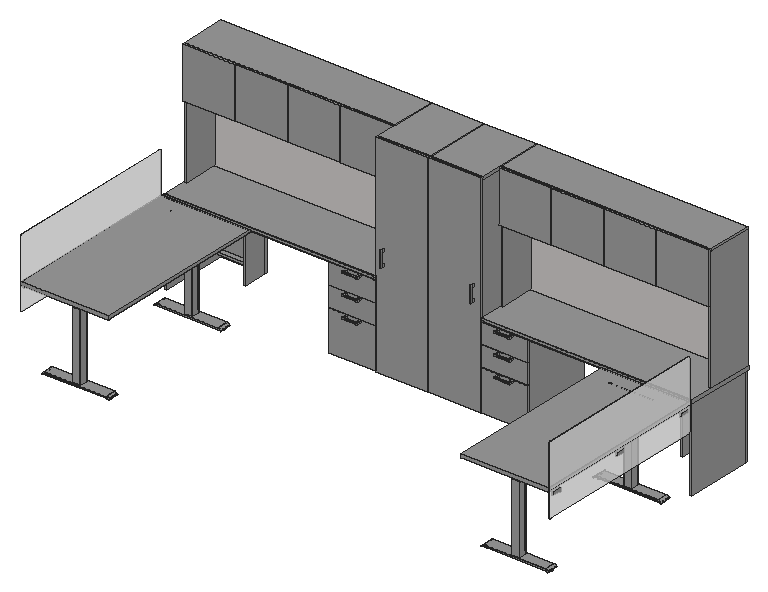
Revit family "JSI-Vision-Typical_Laminate-VST117", category Furniture, Revit 2020 (continued)
Definition of nested family "JSI-Vision-Wardrobe"
  Definition of nested family "Vertical Bar Pull"
    Dimensions and locks (in)
      plane 1 "Center Front/Back" to plane 9 to plane 8 = 0.85202" locked, 0.14798" locked
      aligned and locked: level to plane 2
      aligned and locked: plane 8 to Extrusion 2 sketch curve
      aligned and locked: Extrusion 3 to plane 1 "Center Front/Back"
      aligned and locked: Extrusion 1 to plane 1 "Center Front/Back"
      aligned and locked: Extrusion 4 to plane 1 "Center Front/Back"
      aligned and locked: Extrusion 3 to plane 10
      aligned and locked: Extrusion 3 to plane 11
      aligned and locked: Extrusion 2 to plane 10
      aligned and locked: Extrusion 2 to plane 13
      aligned and locked: Extrusion 4 to plane 13
      aligned and locked: Extrusion 4 to plane 12
      aligned and locked: plane 1 "Center Front/Back" to Extrusion 4
      aligned and locked: plane 1 "Center Front/Back" to Extrusion 3
      aligned and locked: Extrusion 4 to plane 9
      aligned and locked: Extrusion 3 to plane 9
  Definition of nested family "Label 1-16 OH"
    Parameters
      Width = 1"
      Model Name = "Storage/Wardrobe"
    Reference planes (in)
      plane 1: y = 0
      plane 2: x = 0
    Text (in)
      label "XX" at (0.00051, -0.12324, 0), shows "Model Name"
Definition of nested family "JSI-Vision-Credenza_Top"
  Parameters (values of type "Type Catalog")
    Worksurface = none
    Width = 30"
    URL = "www.jsifurniture.com"
    Type Comments = ""
    Series = "Vision Casegoods"  # constant formula
    Model = "Type Catalog"
    Material = ""
    Manufacturer = "JSI"  # constant formula
    Keynote = "12500"
    JSI Enviromental Website = "http://www.jsifurniture.com/jsi_sustainability_intro.php"
    Height [instance] = 0"
    Description = "Type Catalog"
    Depth = 20"
    Default Elevation = 0"
    Assembly Code = "E2020200"
  Reference planes (in)
    plane 1 "Center Front/Back": y = 0
    plane 2: z = 0
    plane 3 "Center Left/Right": x = 0
    plane 4: z = 0
    plane 5: x = 30
    plane 6: y = -20
    plane 7: z = 1.1875
    plane 8: z = 0
  Forms (in)
    Extrusion 1, solid, material <- "Worksurface"
      sketch origin (0, 0, 28) x (0, 1, 0) y (0, 0, 1)
        loop
          line (-19.88189, -28) -> (0, -28) -> (0, -26.8125) -> (-19.88189, -26.8125)
          arc (-19.88189, -26.8125) -> (-19.96541, -26.84709) -> (-20, -26.93061) r 0.11811
          line (-20, -26.93061) -> (-20, -27.88189)
          arc (-20, -27.88189) -> (-19.96541, -27.96541) -> (-19.88189, -28) r 0.11811
      from 0 to 30
  Lines and regions (in)
    symbolic lines
      curve 1: line (0, 0, 0) -> (30, 0, 0)
      curve 2: line (0, -20, 0) -> (0, 0, 0)
      curve 3: line (30, -20, 0) -> (0, -20, 0)
      curve 4: line (30, 0, 0) -> (30, -20, 0)
  Dimensions and locks (in)
    "Depth": plane 6 to plane 1 "Center Front/Back"
    "Width": plane 5 to plane 3 "Center Left/Right"
    locked: plane 7 to plane 8 at 1.1875
    "Height": plane 8 to level
    aligned and locked: level to plane 2
    aligned and locked: plane 5 to Extrusion 1
    aligned and locked: curve 1 to Extrusion 1
    aligned and locked: curve 2 to Extrusion 1
    aligned and locked: plane 6 to curve 3
    aligned and locked: curve 4 to plane 5
    aligned and locked: Extrusion 1 to plane 8
    aligned and locked: plane 7 to Extrusion 1
  Automatic sketch dimensions
    Extrusion 1 sketch curve to plane 6 = 0"
    level to Extrusion 1 sketch curve = 0"
    Extrusion 1 sketch curve to plane 7 = 0"
    Extrusion 1 sketch curve to plane 1 "Center Front/Back" = 0"
    Extrusion 1 sketch curve to Extrusion 1 sketch curve = 0.11811"
    plane 6 to Extrusion 1 sketch curve = 0.11811"
Definition of nested family "JSI-Vision-Adjustable_Table_Standard_Range"
  Parameters (values of type "VST3048AHTD-S - Adjustable Height Table Standard Range 48"W x 30"D x 30"H")
    Width = 48"
    Upper Leg Finish = none
    URL = "www.jsifurniture.com"
    Type Comments = ""
    Top Finish = none
    Support Finish = none
    Series = "Vision Casegoods"  # constant formula
    Low Leg Finish = none
    Model = "VST3048AHTD-S"
    Material = ""
    Manufacturer = "JSI"  # constant formula
    Keynote = "12500"  # constant formula
    JSI Enviromental Website = "http://www.jsifurniture.com/jsi_sustainability_intro.php"
    Height = 29 3/16"
    Glide Finish = none
    Feet Finish = none
    Description = "Adjustable Height Table Desk Standard Range Laminate - 30”H x 30”D x 48”W"
    Depth = 30"
    Default Elevation = 0"
    Assembly Code = "E2020200"
    Adj Post Finish = none
  Types (6): name | Width | Model | Description
    VST3072AHTD-S - Adjustable Height Table Standard Range 72"W x 30"D x 30"H | 72" | "VST3072AHTD-S" | "Adjustable Height Table Desk Standard Range Laminate - 30”H x 30”D x 72”W"
    VSV3072AHTD-S - Adjustable Height Table Standard Range 72"W x 30"D x 30"H | 72" | "VSV3072AHTD-S" | "Adjustable Height Table Desk Standard Range Veneer - 30”H x 30”D x 72”W"
    VST3060AHTD-S - Adjustable Height Table Standard Range 60"W x 30"D x 30"H | 60" | "VST3060AHTD-S" | "Adjustable Height Table Desk Standard Range Laminate - 30”H x 30”D x 60”W"
    VSV3060AHTD-S - Adjustable Height Table Standard Range 60"W x 30"D x 30"H | 60" | "VSV3060AHTD-S" | "Adjustable Height Table Desk Standard Range Veneer - 30”H x 30”D x 60”W"
    VST3048AHTD-S - Adjustable Height Table Standard Range 48"W x 30"D x 30"H | 48" | "VST3048AHTD-S" | "Adjustable Height Table Desk Standard Range Laminate - 30”H x 30”D x 48”W"
    VSV3048AHTD-S - Adjustable Height Table Standard Range 48"W x 30"D x 30"H | 48" | "VSV3048AHTD-S" | "Adjustable Height Table Desk Standard Range Veneer - 30”H x 30”D x 48”W"
  Reference planes (in)
    plane 1 "Center Front/Back": y = 0
    plane 2: z = 0
    plane 3 "Center Left/Right": x = 0
    plane 4: z = 29.1875
    plane 5: z = 28
    plane 6: x = 48
    plane 7: y = -30
    plane 8: y = -15
  Forms (in)
    Extrusion 1, solid, material <- "Top Finish"
      sketch origin (0, 0, 0) x (0, 1, 0) y (0, 0, 1)
        loop
          arc (-29.88189, 29.1875) -> (-29.96256, 29.15006) -> (-30, 29.06939) r 0.12937
          line (-30, 29.06939) -> (-30, 28.11811)
          arc (-30, 28.11811) -> (-29.96256, 28.03744) -> (-29.88189, 28) r 0.12937
          line (-29.88189, 28) -> (-29.72106, 28) -> (-0.27894, 28) -> (-0.11811, 28)
          arc (-0.11811, 28) -> (-0.03744, 28.03744) -> (0, 28.11811) r 0.12937
          line (0, 28.11811) -> (0, 29.06939)
          arc (0, 29.06939) -> (-0.03744, 29.15006) -> (-0.11811, 29.1875) r 0.12937
          line (-0.11811, 29.1875) -> (-29.88189, 29.1875)
      from 0 to 48
  Lines and regions (in)
    symbolic lines
      curve 1: line (0, 0, 0) -> (48, 0, 0)
      curve 2: line (0, -30, 0) -> (0, 0, 0)
      curve 3: line (48, -30, 0) -> (0, -30, 0)
      curve 4: line (48, 0, 0) -> (48, -30, 0)
  Dimensions and locks (in)
    "Height": plane 4 to level
    locked: plane 4 to plane 5 at 1.1875
    "Width": plane 3 "Center Left/Right" to plane 6
    "Depth": plane 1 "Center Front/Back" to plane 7
    equal spacing: plane 1 "Center Front/Back", plane 8, plane 7
    aligned and locked: level to plane 2
    aligned and locked: plane 3 "Center Left/Right" to nested 1
    aligned and locked: nested 1 to plane 8
    aligned and locked: plane 4 to Extrusion 1 sketch curve
    aligned and locked: Extrusion 1 sketch curve to plane 5
    aligned and locked: Extrusion 1 sketch curve to plane 1 "Center Front/Back"
    aligned and locked: Extrusion 1 sketch curve to plane 7
    aligned and locked: Extrusion 1 to plane 3 "Center Left/Right"
    aligned and locked: Extrusion 1 to plane 6
    aligned and locked: plane 7 to curve 3
    aligned and locked: plane 1 "Center Front/Back" to curve 1
    aligned and locked: plane 3 "Center Left/Right" to curve 2
    aligned and locked: plane 6 to curve 4
  Automatic sketch dimensions
    plane 7 to Extrusion 1 sketch curve = 0.11811"  (x2)
    Extrusion 1 sketch curve to plane 5 = 0"  (x2)
    plane 7 to Extrusion 1 sketch curve = 33/256"  (x2)
    Extrusion 1 sketch curve to Extrusion 1 sketch curve = 0.16082"
    plane 1 "Center Front/Back" to Extrusion 1 sketch curve = 0.27894"
    plane 1 "Center Front/Back" to Extrusion 1 sketch curve = 33/256"  (x2)
    plane 1 "Center Front/Back" to Extrusion 1 sketch curve = 0.11811"  (x2)
    plane 5 to Extrusion 1 sketch curve = 0.11811"  (x2)
    Extrusion 1 sketch curve to plane 4 = 33/256"  (x2)
  Nested families (in)
    nested 1: "Adj Base" at (0, -15, 0), Height <- "Height", W Top <- "Width", Adj Post Finish <- "Adj Post Finish", Feet Finish <- "Feet Finish", Glide Finish <- "Glide Finish", Low Leg Finish <- "Low Leg Finish", Support Finish <- "Support Finish", Upper Leg Finish <- "Upper Leg Finish", type "Adj Base"
      with W Top 48", Upper Leg Finish none, Support Finish none, Low Leg Finish none, Height 29 3/16", Glide Finish none, Feet Finish none, Adj Post Finish none
  Definition of nested family "Adj Base"
    Parameters (values of type "Adj Base")
      W Top [instance] = 72"
      Upper Leg Finish [instance] = none
      Support Finish [instance] = none
      Low Leg Finish [instance] = none
      Height [instance] = 29 1/2"
      Glide Finish [instance] = none
      Feet Finish [instance] = none
      Default Elevation = 0"
      Adj Post Finish [instance] = none
    Reference planes (in)
      plane 1 "Center (Front/Back)": y = 0
      plane 2: z = 0
      plane 3 "Center (Left/Right)": x = 0
      plane 4: z = 29.5
      plane 5: x = 72
      plane 6: z = 28.3125
      plane 7: x = 6.09647
      plane 8: x = 65.90353
    Forms (in)
      Extrusion 1, solid, material <- "Support Finish"
        sketch origin (1.67343, 0, 0) x (-1, 0, 0) y (0, 0, 1)
          loop
            line (-2.26388, 26.15894) -> (-2.26388, 28.00935) -> (-10.9253, 28.00935) -> (-10.9253, 27.73435) -> (-10.3632, 27.73435) -> (-9.86301, 26.15894) -> (-2.26388, 26.15894)
          loop
            line (-66.38926, 26.15894) -> (-58.79012, 26.15894) -> (-58.28994, 27.73435) -> (-57.72784, 27.73435) -> (-57.72784, 28.00935) -> (-66.38926, 28.00935) -> (-66.38926, 26.15894)
        from -1.89028 to 1.90897
      Extrusion 2, solid, material <- "Support Finish"
        sketch origin (8.68126, 0, 0) x (0, 1, 0) y (0, 0, 1)
          loop
            arc (2.60827, 26.81644) -> (2.67785, 26.84526) -> (2.70667, 26.91484) r 0.0984
            line (2.70667, 26.91484) -> (2.70667, 28.09931)
            arc (2.70667, 28.09931) -> (2.67882, 28.16654) -> (2.61158, 28.19439) r 0.09508
            line (2.61158, 28.19439) -> (2.01307, 28.19439)
            arc (2.01307, 28.19439) -> (1.94678, 28.16693) -> (1.91932, 28.10064) r 0.09375
            line (1.91932, 28.10064) -> (1.91932, 26.91484)
            arc (1.91932, 26.91484) -> (1.94814, 26.84526) -> (2.01772, 26.81644) r 0.0984
            line (2.01772, 26.81644) -> (2.60827, 26.81644)
          loop
            line (-2.60827, 26.81644) -> (-2.01772, 26.81644)
            arc (-2.01772, 26.81644) -> (-1.94814, 26.84526) -> (-1.91932, 26.91484) r 0.0984
            line (-1.91932, 26.91484) -> (-1.91932, 28.10064)
            arc (-1.91932, 28.10064) -> (-1.94678, 28.16693) -> (-2.01307, 28.19439) r 0.09375
            line (-2.01307, 28.19439) -> (-2.61158, 28.19439)
            arc (-2.61158, 28.19439) -> (-2.67882, 28.16654) -> (-2.70667, 28.09931) r 0.09508
            line (-2.70667, 28.09931) -> (-2.70667, 26.91484)
            arc (-2.70667, 26.91484) -> (-2.67785, 26.84526) -> (-2.60827, 26.81644) r 0.0984
        from -5.06315 to 15.07466
      Extrusion 3, solid, material <- "Support Finish"
        sketch origin (1.70596, 0, 0) x (0, 1, 0) y (0, 0, 1)
          loop
            arc (2.50984, 27.32825) -> (2.59335, 27.36284) -> (2.62794, 27.44635) r 0.1181
            line (2.62794, 27.44635) -> (2.62794, 27.99755)
            arc (2.62794, 27.99755) -> (2.59335, 28.08106) -> (2.50984, 28.11565) r 0.1181
            line (2.50984, 28.11565) -> (2.15551, 28.11565)
            arc (2.15551, 28.11565) -> (2.072, 28.08106) -> (2.03741, 27.99755) r 0.1181
            line (2.03741, 27.99755) -> (2.03741, 27.44635)
            arc (2.03741, 27.44635) -> (2.072, 27.36284) -> (2.15551, 27.32825) r 0.1181
            line (2.15551, 27.32825) -> (2.50984, 27.32825)
          loop
            arc (-2.15551, 27.32825) -> (-2.072, 27.36284) -> (-2.03741, 27.44635) r 0.1181
            line (-2.03741, 27.44635) -> (-2.03741, 27.99755)
            arc (-2.03741, 27.99755) -> (-2.072, 28.08106) -> (-2.15551, 28.11565) r 0.1181
            line (-2.15551, 28.11565) -> (-2.50984, 28.11565)
            arc (-2.50984, 28.11565) -> (-2.59335, 28.08106) -> (-2.62794, 27.99755) r 0.1181
            line (-2.62794, 27.99755) -> (-2.62794, 27.44635)
            arc (-2.62794, 27.44635) -> (-2.59335, 27.36284) -> (-2.50984, 27.32825) r 0.1181
            line (-2.50984, 27.32825) -> (-2.15551, 27.32825)
        from 16.18381 to 52.40428
      Extrusion 4, solid, material <- "Feet Finish"
        sketch origin (3.34686, 0, 0) x (0, 1, 0) y (0, 0, 1)
          loop
            line (10.52318, 1.16069) -> (-10.52318, 1.16069)
            arc (-10.52318, 1.16069) -> (-10.60868, 1.14561) -> (-10.68388, 1.1022) r 0.25
            line (-10.68388, 1.1022) -> (-11.48879, 0.4268) -> (-11.40022, 0.32124) -> (-10.59879, 0.99371)
            arc (-10.59879, 0.99371) -> (-10.56128, 1.01537) -> (-10.51862, 1.02289) r 0.12472
            line (-10.51862, 1.02289) -> (10.51852, 1.02289)
            arc (10.51852, 1.02289) -> (10.56128, 1.01536) -> (10.59887, 0.99365) r 0.125
            line (10.59887, 0.99365) -> (11.40022, 0.32124) -> (11.48879, 0.4268) -> (10.68388, 1.1022)
            arc (10.68388, 1.1022) -> (10.60869, 1.14561) -> (10.52318, 1.16069) r 0.25
        from 0.93859 to 4.56063
      Extrusion 5, solid, material <- "Feet Finish"
        sketch origin (3.34686, 0, 0) x (0, 1, 0) y (0, 0, 1)
          loop
            line (-11.14173, 0.39297) -> (11.14173, 0.39297) -> (11.14173, 0.53813) -> (10.59887, 0.99365)
            arc (10.59887, 0.99365) -> (10.56128, 1.01535) -> (10.51852, 1.02289) r 0.125
            line (10.51852, 1.02289) -> (-10.51862, 1.02289)
            arc (-10.51862, 1.02289) -> (-10.56128, 1.01537) -> (-10.59879, 0.99371) r 0.12472
            line (-10.59879, 0.99371) -> (-11.14173, 0.53813) -> (-11.14173, 0.39297)
        from 1.19449 to 4.30473
      Extrusion 6, solid, material <- "Feet Finish"
        sketch origin (12.34686, 0, 0) x (0, 1, 0) y (0, 0, 1)
          loop
            line (10.52318, 1.16069) -> (-10.52318, 1.16069)
            arc (-10.52318, 1.16069) -> (-10.60868, 1.14561) -> (-10.68388, 1.1022) r 0.25
            line (-10.68388, 1.1022) -> (-11.48879, 0.4268) -> (-11.40022, 0.32124) -> (-10.59879, 0.99371)
            arc (-10.59879, 0.99371) -> (-10.56128, 1.01537) -> (-10.51862, 1.02289) r 0.12472
            line (-10.51862, 1.02289) -> (10.51852, 1.02289)
            arc (10.51852, 1.02289) -> (10.56128, 1.01536) -> (10.59887, 0.99365) r 0.125
            line (10.59887, 0.99365) -> (11.40022, 0.32124) -> (11.48879, 0.4268) -> (10.68388, 1.1022)
            arc (10.68388, 1.1022) -> (10.60869, 1.14561) -> (10.52318, 1.16069) r 0.25
        from 51.74564 to 55.473
      Extrusion 7, solid, material <- "Low Leg Finish"
        sketch origin (0, 0, 0) x (1, 0, 0) y (0, 1, 0)
          loop
            line (4.73819, 1.25984) -> (4.73819, -1.25984)
            arc (4.73819, -1.25984) -> (4.76702, -1.32944) -> (4.83661, -1.35827) r 0.09843
            line (4.83661, -1.35827) -> (7.3563, -1.35827)
            arc (7.3563, -1.35827) -> (7.4259, -1.32944) -> (7.45472, -1.25984) r 0.09843
            line (7.45472, -1.25984) -> (7.45472, 1.25984)
            arc (7.45472, 1.25984) -> (7.4259, 1.32944) -> (7.3563, 1.35827) r 0.09843
            line (7.3563, 1.35827) -> (4.83661, 1.35827)
            arc (4.83661, 1.35827) -> (4.76702, 1.32944) -> (4.73819, 1.25984) r 0.09843
          loop
            arc (67.26181, 1.25984) -> (67.23298, 1.32944) -> (67.16339, 1.35827) r 0.09843
            line (67.16339, 1.35827) -> (64.6437, 1.35827)
            arc (64.6437, 1.35827) -> (64.5741, 1.32944) -> (64.54528, 1.25984) r 0.09843
            line (64.54528, 1.25984) -> (64.54528, -1.25984)
            arc (64.54528, -1.25984) -> (64.5741, -1.32944) -> (64.6437, -1.35827) r 0.09843
            line (64.6437, -1.35827) -> (67.16339, -1.35827)
            arc (67.16339, -1.35827) -> (67.23298, -1.32944) -> (67.26181, -1.25984) r 0.09843
            line (67.26181, -1.25984) -> (67.26181, 1.25984)
        from 1.16069 to 24.23031
      Extrusion 8, solid, material <- "Upper Leg Finish"
        sketch origin (0, 0, 0) x (1, 0, 0) y (0, 1, 0)
          loop
            line (7.16929, 1.17126) -> (5.02362, 1.17126)
            arc (5.02362, 1.17126) -> (4.95402, 1.14243) -> (4.9252, 1.07283) r 0.09843
            line (4.9252, 1.07283) -> (4.9252, -1.07283)
            arc (4.9252, -1.07283) -> (4.95402, -1.14243) -> (5.02362, -1.17126) r 0.09843
            line (5.02362, -1.17126) -> (7.16929, -1.17126)
            arc (7.16929, -1.17126) -> (7.23889, -1.14243) -> (7.26772, -1.07283) r 0.09843
            line (7.26772, -1.07283) -> (7.26772, 1.07283)
            arc (7.26772, 1.07283) -> (7.23889, 1.14243) -> (7.16929, 1.17126) r 0.09843
          loop
            arc (64.83071, 1.17126) -> (64.76111, 1.14243) -> (64.73228, 1.07283) r 0.09843
            line (64.73228, 1.07283) -> (64.73228, -1.07283)
            arc (64.73228, -1.07283) -> (64.76111, -1.14243) -> (64.83071, -1.17126) r 0.09843
            line (64.83071, -1.17126) -> (67.04524, -1.17126)
            arc (67.04524, -1.17126) -> (67.09765, -1.14955) -> (67.11936, -1.09714) r 0.07412
            line (67.11936, -1.09714) -> (67.11936, 1.02828)
            arc (67.11936, 1.02828) -> (67.07748, 1.12938) -> (66.97638, 1.17126) r 0.14298
            line (66.97638, 1.17126) -> (64.83071, 1.17126)
        from 2.77313 to 26.15894
      Extrusion 9, solid, material <- "Support Finish"
        sketch origin (0, 0, 0) x (1, 0, 0) y (0, 0, 1)
          loop
            line (3.5, 26.14715) -> (3.61811, 26.14715) -> (3.61811, 28.15745)
            arc (3.61811, 28.15745) -> (3.62893, 28.18357) -> (3.65505, 28.19439) r 0.03694
            line (3.65505, 28.19439) -> (5.0748, 28.19439) -> (5.0748, 28.3125) -> (3.65534, 28.3125)
            arc (3.65534, 28.3125) -> (3.5455, 28.267) -> (3.5, 28.15716) r 0.15534
            line (3.5, 28.15716) -> (3.5, 26.14715)
          loop
            line (68.5, 26.14715) -> (68.5, 28.15716)
            arc (68.5, 28.15716) -> (68.4545, 28.267) -> (68.34466, 28.3125) r 0.15534
            line (68.34466, 28.3125) -> (66.9252, 28.3125) -> (66.9252, 28.19439) -> (68.34495, 28.19439)
            arc (68.34495, 28.19439) -> (68.37107, 28.18357) -> (68.38189, 28.15745) r 0.03694
            line (68.38189, 28.15745) -> (68.38189, 26.14715) -> (68.5, 26.14715)
        from -10.14567 to 10.14567
      Extrusion 10, void
        sketch origin (0, 0, 0) x (0, 1, 0) y (0, 0, 1)
          loop
            line (-9.64567, 28.65728) -> (-10.14567, 28.65728) -> (-10.14567, 25.65728) -> (10.14567, 25.65728) -> (10.14567, 28.65728) -> (9.64567, 28.65728) -> (9.64567, 27.93724)
            arc (9.64567, 27.93724) -> (9.53149, 27.61921) -> (9.2411, 27.44643) r 0.5
            line (9.2411, 27.44643) -> (2.76152, 26.18651)
            arc (2.76152, 26.18651) -> (2.61903, 26.16585) -> (2.47521, 26.15894) r 1.5
            line (2.47521, 26.15894) -> (-2.47521, 26.15894)
            arc (-2.47521, 26.15894) -> (-2.61903, 26.16585) -> (-2.76152, 26.18651) r 1.5
            line (-2.76152, 26.18651) -> (-9.2411, 27.44643)
            arc (-9.2411, 27.44643) -> (-9.53149, 27.61921) -> (-9.64567, 27.93724) r 0.5
            line (-9.64567, 27.93724) -> (-9.64567, 28.65728)
        from 1.99619 to 70.00235
      Extrusion 11, solid, material <- "Support Finish"
        sketch origin (60.8427, 0, 0) x (0, 1, 0) y (0, 0, -1)
          loop
            line (-2.01772, -26.81644) -> (-2.61292, -26.81644)
            arc (-2.61292, -26.81644) -> (-2.67921, -26.8439) -> (-2.70667, -26.91019) r 0.09375
            line (-2.70667, -26.91019) -> (-2.70667, -28.10064)
            arc (-2.70667, -28.10064) -> (-2.67921, -28.16693) -> (-2.61292, -28.19439) r 0.09375
            line (-2.61292, -28.19439) -> (-2.0144, -28.19439)
            arc (-2.0144, -28.19439) -> (-1.94717, -28.16654) -> (-1.91932, -28.09931) r 0.09508
            line (-1.91932, -28.09931) -> (-1.91932, -26.91484)
            arc (-1.91932, -26.91484) -> (-1.94814, -26.84526) -> (-2.01772, -26.81644) r 0.0984
          loop
            line (2.60827, -26.81644) -> (2.0132, -26.81644)
            arc (2.0132, -26.81644) -> (1.94682, -26.84394) -> (1.91932, -26.91032) r 0.09389
            line (1.91932, -26.91032) -> (1.91932, -28.09931)
            arc (1.91932, -28.09931) -> (1.94717, -28.16654) -> (2.0144, -28.19439) r 0.09508
            line (2.0144, -28.19439) -> (2.61292, -28.19439)
            arc (2.61292, -28.19439) -> (2.67921, -28.16693) -> (2.70667, -28.10064) r 0.09375
            line (2.70667, -28.10064) -> (2.70667, -26.91484)
            arc (2.70667, -26.91484) -> (2.67785, -26.84526) -> (2.60827, -26.81644) r 0.0984
        from -7.53919 to 12.59862
      Revolve 12, solid, material <- "Glide Finish"
        sketch origin (0, -10.27559, 0) x (1, 0, 0) y (0, 0, 1)
          loop
            line (6.09647, 0.94489) -> (5.93882, 0.94489) -> (5.93882, 0.39297) -> (5.30863, 0.39297) -> (5.11222, 0.19657) -> (5.11222, 0) -> (6.09647, 0) -> (6.09647, 0.94489)
          axis (6.09647, 0.94489) -> (6.09647, 0)
        angle from 0 to 360
      Revolve 13, solid, material <- "Glide Finish"
        sketch origin (0, 10.27547, 0) x (1, 0, 0) y (0, 0, 1)
          loop
            line (6.09647, 0.94489) -> (5.93882, 0.94489) -> (5.93882, 0.39297) -> (5.30863, 0.39297) -> (5.11222, 0.19657) -> (5.11222, 0) -> (6.09647, 0) -> (6.09647, 0.94489)
          axis (6.09647, 0.94489) -> (6.09647, 0)
        angle from 0 to 360
      Revolve 14, solid, material <- "Glide Finish"
        sketch origin (59.80705, -10.27559, 0) x (1, 0, 0) y (0, 0, 1)
          loop
            line (6.09647, 0.94489) -> (5.93882, 0.94489) -> (5.93882, 0.39297) -> (5.30863, 0.39297) -> (5.11222, 0.19657) -> (5.11222, 0) -> (6.09647, 0) -> (6.09647, 0.94489)
          axis (6.09647, 0.94489) -> (6.09647, 0)
        angle from 0 to 360
      Revolve 15, solid, material <- "Glide Finish"
        sketch origin (59.80705, 10.27547, 0) x (1, 0, 0) y (0, 0, 1)
          loop
            line (6.09647, 0.94489) -> (5.93882, 0.94489) -> (5.93882, 0.39297) -> (5.30863, 0.39297) -> (5.11222, 0.19657) -> (5.11222, 0) -> (6.09647, 0) -> (6.09647, 0.94489)
          axis (6.09647, 0.94489) -> (6.09647, 0)
        angle from 0 to 360
      Extrusion 16, solid, material <- "Feet Finish"
        sketch origin (63.15392, 0, 0) x (0, 1, 0) y (0, 0, 1)
          loop
            line (-11.14173, 0.39297) -> (11.14173, 0.39297) -> (11.14173, 0.53813) -> (10.59887, 0.99365)
            arc (10.59887, 0.99365) -> (10.56128, 1.01535) -> (10.51852, 1.02289) r 0.125
            line (10.51852, 1.02289) -> (-10.51862, 1.02289)
            arc (-10.51862, 1.02289) -> (-10.56128, 1.01537) -> (-10.59879, 0.99371) r 0.12472
            line (-10.59879, 0.99371) -> (-11.14173, 0.53813) -> (-11.14173, 0.39297)
        from 1.19449 to 4.30473
    Cuts and joins
      Extrusion 10 cuts Extrusion 9
    Lines and regions (in)
      symbolic lines
        curve 1: line (7.9075, 11.48879, 0) -> (4.28545, 11.48879, 0)
        curve 2: line (7.9075, -11.48879, 0) -> (7.9075, 11.48879, 0)
        curve 3: line (4.28545, -11.48879, 0) -> (7.9075, -11.48879, 0)
        curve 4: line (4.28545, 11.48879, 0) -> (4.28545, 9.64567, 0)
        curve 5: line (67.81987, 11.48879, 0) -> (64.0925, 11.48879, 0)
        curve 6: line (67.81987, 9.64567, 0) -> (67.81987, 11.48879, 0)
        curve 7: line (64.0925, -11.48879, 0) -> (67.81987, -11.48879, 0)
        curve 8: line (64.0925, 11.48879, 0) -> (64.0925, -11.48879, 0)
        curve 9: line (3.5, 9.64567, 0) -> (5.0748, 9.64567, 0)
        curve 10: line (3.5, -9.64567, 0) -> (3.5, 9.64567, 0)
        curve 11: line (5.0748, -9.64567, 0) -> (3.5, -9.64567, 0)
        curve 12: line (5.0748, 9.64567, 0) -> (5.0748, -9.64567, 0)
        curve 13: line (68.5, 9.64567, 0) -> (66.9252, 9.64567, 0)
        curve 14: line (68.5, -9.64567, 0) -> (68.5, 9.64567, 0)
        curve 15: line (66.9252, -9.64567, 0) -> (68.5, -9.64567, 0)
        curve 16: line (66.9252, 9.64567, 0) -> (66.9252, -9.64567, 0)
        curve 17: line (66.9252, 2.70667, 0) -> (48.24408, 2.70667, 0)
        curve 18: line (48.24408, 2.70667, 0) -> (48.24408, 1.91932, 0)
        curve 19: line (48.24408, 1.91932, 0) -> (66.9252, 1.91932, 0)
        curve 20: line (66.9252, -1.92113, 0) -> (48.24408, -1.91932, 0)
        curve 21: line (48.24408, -1.91932, 0) -> (48.24408, -2.70667, 0)
        curve 22: line (48.24408, -2.70667, 0) -> (66.9252, -2.70667, 0)
        curve 23: line (23.75592, 2.70667, 0) -> (23.75592, 1.91932, 0)
        curve 24: line (23.75592, 1.91932, 0) -> (5.0748, 1.91932, 0)
        curve 25: line (23.75592, 2.70667, 0) -> (5.0748, 2.70667, 0)
        curve 26: line (23.75592, -1.91932, 0) -> (5.0748, -1.91932, 0)
        curve 27: line (23.75592, -2.70667, 0) -> (5.0748, -2.70667, 0)
        curve 28: line (23.75592, -1.91932, 0) -> (23.75592, -2.70667, 0)
        curve 29: line (4.28545, -11.48879, 0) -> (4.28545, -9.64567, 0)
        curve 30: line (67.81987, -11.48879, 0) -> (67.81987, -9.64567, 0)
        curve 31: line (23.75592, 2.62798, 0) -> (48.24408, 2.62798, 0)
        curve 32: line (23.75592, 2.03782, 0) -> (48.24408, 2.03782, 0)
        curve 33: line (23.75592, -2.03689, 0) -> (48.24408, -2.03689, 0)
        curve 34: line (23.75592, -2.6279, 0) -> (48.24408, -2.6279, 0)
    Dimensions and locks (in)
      "Height": plane 2 to plane 4
      Extrusion 1 sketch curve to Extrusion 1 sketch curve to Extrusion 1 sketch curve to plane 4 = 1.57541" locked, 0.275", 1.49065"
      Extrusion 4 sketch curve to Extrusion 4 sketch curve to Extrusion 4 sketch curve to Extrusion 4 sketch curve to plane 1 "Center (Front/Back)" to Extrusion 4 sketch curve to Extrusion 4 sketch curve to Extrusion 4 sketch curve to Extrusion 4 sketch curve = 0.08857" locked, 0.87704" locked, 0.00456" locked, 10.51862" locked, 10.51852" locked, 0.00466" locked, 0.87704" locked, 0.08857" locked
      plane 2 to Extrusion 4 sketch curve to Extrusion 4 sketch curve to Extrusion 4 sketch curve to Extrusion 4 sketch curve to Extrusion 4 sketch curve to Extrusion 4 sketch curve = 0.32124" locked, 0.10556" locked, 0.4711" locked, 0.0128" locked, 0.1122" locked, 0.1378" locked
      Extrusion 4 to Extrusion 5 to plane 7 to Extrusion 5 to Extrusion 4 to plane 3 "Center (Left/Right)" = 0.25591" locked, 1.55512" locked, 1.55512" locked, 0.25591" locked, 4.28545" locked
      plane 2 to Extrusion 5 sketch curve to Extrusion 5 sketch curve = 0.39297" locked, 0.62992" locked
      Extrusion 5 sketch curve to plane 1 "Center (Front/Back)" to Extrusion 5 sketch curve = 11.14173" locked, 11.14173" locked
      Extrusion 6 sketch curve to Extrusion 6 sketch curve to Extrusion 6 sketch curve to Extrusion 6 sketch curve to Extrusion 6 sketch curve to Extrusion 6 sketch curve to Extrusion 6 sketch curve to Extrusion 6 sketch curve = 0.08857" locked, 0.87704" locked, 0.00456" locked, 21.03715", 0.00466" locked, 0.87704" locked, 0.08857" locked
      Extrusion 6 sketch curve to Extrusion 6 sketch curve to Extrusion 6 sketch curve to Extrusion 6 sketch curve to Extrusion 6 sketch curve to Extrusion 6 sketch curve = 0.10556" locked, 0.4711" locked, 0.0128" locked, 0.1122" locked, 0.1378" locked
      plane 5 to Extrusion 6 to Extrusion 16 to plane 8 to Extrusion 16 to Extrusion 6 = 4.18013" locked, 0.36123" locked, 1.55512" locked, 1.55512" locked, 0.25591" locked
      Extrusion 7 sketch curve to plane 1 "Center (Front/Back)" to Extrusion 7 sketch curve = 1.25984" locked, 1.25984" locked  (x2)
      Extrusion 7 sketch curve to Extrusion 7 sketch curve to plane 3 "Center (Left/Right)" = 2.51969" locked, 4.83661" locked
      Extrusion 7 sketch curve to Extrusion 7 sketch curve to plane 5 = 2.51969" locked, 4.83661" locked
      locked: Extrusion 7 to plane 2 at 24.23031
      Extrusion 8 sketch curve to Extrusion 8 sketch curve to plane 5 = 2.14567" locked, 5.02362" locked
      Extrusion 8 sketch curve to Extrusion 8 sketch curve to plane 3 "Center (Left/Right)" = 2.14567" locked, 5.02362" locked
      Extrusion 8 sketch curve to plane 1 "Center (Front/Back)" to Extrusion 8 sketch curve = 1.07283" locked, 1.07283" locked
      Extrusion 1 sketch curve to Extrusion 1 sketch curve to Extrusion 1 sketch curve to plane 4 = 1.57541" locked, 0.275" locked, 1.49065" locked
      Extrusion 1 sketch curve to Extrusion 1 sketch curve to Extrusion 1 sketch curve to Extrusion 1 sketch curve to plane 3 "Center (Left/Right)" = 0.5621" locked, 0.50019" locked, 7.59913" locked, 3.93731" locked
      plane 5 to Extrusion 1 sketch curve to Extrusion 1 sketch curve to Extrusion 1 sketch curve = 3.93731" locked, 7.59913" locked, 1.06228" locked
      Extrusion 2 sketch curve to Extrusion 2 sketch curve to Extrusion 2 sketch curve to Extrusion 2 sketch curve to plane 1 "Center (Front/Back)" to Extrusion 2 sketch curve to Extrusion 2 sketch curve to Extrusion 2 sketch curve to Extrusion 2 sketch curve = 0.09508" locked, 0.59852" locked, 3/32" locked, 1.91932" locked, 1.91932" locked, 3/32" locked, 0.59852" locked, 0.09508" locked
      locked: plane 4 to plane 6 at 1.1875
      Extrusion 8 to Extrusion 8 to plane 6 = 23.38581" locked, 2.15356" locked
      Extrusion 3 sketch curve to Extrusion 3 sketch curve to Extrusion 3 sketch curve to Extrusion 3 sketch curve to plane 1 "Center (Front/Back)" to Extrusion 3 sketch curve to Extrusion 3 sketch curve to Extrusion 3 sketch curve to Extrusion 3 sketch curve = 0.1181" locked, 0.35433" locked, 0.1181" locked, 2.03741" locked, 2.03741" locked, 0.1181" locked, 0.35433" locked, 0.1181" locked
      plane 6 to Extrusion 3 sketch curve to Extrusion 3 sketch curve to Extrusion 3 sketch curve to Extrusion 3 sketch curve = 0.19685" locked, 0.1181" locked, 0.5512" locked, 0.1181" locked
      Extrusion 9 sketch curve to Extrusion 9 sketch curve to Extrusion 9 sketch curve to Extrusion 9 sketch curve to plane 3 "Center (Left/Right)" = 1.41947" locked, 0.03723" locked, 0.11811" locked, 3 1/2" locked
      Extrusion 9 sketch curve to Extrusion 9 sketch curve to Extrusion 9 sketch curve to Extrusion 9 sketch curve to plane 5 = 1.41947" locked, 0.03723" locked, 0.11811" locked, 3 1/2" locked
      plane 6 to Extrusion 9 sketch curve to Extrusion 9 sketch curve to Extrusion 9 sketch curve = 0.11811" locked, 0.03723" locked, 2.01002" locked
      locked: plane 5 to Extrusion 10 at 1.99765
      locked: plane 3 "Center (Left/Right)" to Extrusion 10 at 1.99619
      Extrusion 10 sketch curve to plane 6 to Extrusion 10 sketch curve to Extrusion 10 sketch curve to Extrusion 10 sketch curve to Extrusion 10 sketch curve = 0.34478" locked, 0.37526" locked, 0.2783" locked, 1 1/2" locked, 0.50165" locked
      Extrusion 10 sketch curve to Extrusion 10 sketch curve to Extrusion 10 sketch curve to Extrusion 10 sketch curve to plane 1 "Center (Front/Back)" to Extrusion 10 sketch curve to Extrusion 10 sketch curve to Extrusion 10 sketch curve to Extrusion 10 sketch curve = 1/2" locked, 1/2" locked, 6.67046" locked, 2.47521" locked, 2.47521" locked, 6.67046" locked, 1/2" locked, 1/2" locked
      Extrusion 11 sketch curve to Extrusion 11 sketch curve to Extrusion 11 sketch curve to Extrusion 11 sketch curve to Extrusion 11 sketch curve to Extrusion 11 sketch curve to Extrusion 11 sketch curve to Extrusion 11 sketch curve = 3/32" locked, 0.59852" locked, 0.09508" locked, 3.83863" locked, 0.09508" locked, 0.59852" locked, 3/32" locked
      Extrusion 11 to Extrusion 3 to plane 5 = 5.86615" locked, 17.88976" locked
      Extrusion 2 to Extrusion 3 to plane 3 "Center (Left/Right)" = 5.86615" locked, 17.88976" locked
      Revolve 12 sketch curve to Revolve 12 sketch curve to Revolve 12 sketch curve to plane 7 = 0.1964" locked, 0.63019" locked, 0.15765" locked
      Revolve 13 sketch curve to Revolve 13 sketch curve to Revolve 13 sketch curve = 0.1964" locked, 0.63019" locked
      Revolve 13 to plane 1 "Center (Front/Back)" to Revolve 12 = 10.27547" locked, 10.27559" locked
      Revolve 14 sketch curve to Revolve 14 sketch curve to Revolve 14 sketch curve to plane 8 = 0.1964" locked, 0.63019" locked, 0.15765" locked
      Revolve 15 sketch curve to Revolve 15 sketch curve to Revolve 15 sketch curve = 0.1964" locked, 0.63019" locked
      Revolve 15 to Revolve 14 = 20.55106"
      Revolve 14 to plane 1 "Center (Front/Back)" to Revolve 15 = 10.27559" locked, 10.27547" locked
      locked: Extrusion 16 sketch curve to Extrusion 16 sketch curve at 0.62992
      Extrusion 16 sketch curve to plane 1 "Center (Front/Back)" to Extrusion 16 sketch curve = 11.14173" locked, 11.14173" locked
      "W Top": plane 3 "Center (Left/Right)" to plane 5
      locked: plane 3 "Center (Left/Right)" to plane 7 at 6.09647
      locked: plane 8 to plane 5 at 6.09647
      aligned and locked: plane 2 to level
      aligned and locked: Extrusion 7 to Extrusion 4
      aligned and locked: Extrusion 8 to Extrusion 1
      aligned and locked: Extrusion 3 sketch curve to Extrusion 3 sketch curve  (x2)
      aligned and locked: Extrusion 9 sketch curve to plane 6  (x2)
      aligned and locked: Extrusion 9 sketch curve to Extrusion 9 sketch curve  (x2)
      aligned and locked: Extrusion 2 to cut or joined group of Extrusion 9, Extrusion 10
      aligned and locked: Extrusion 10 sketch curve to Extrusion 10 sketch curve
      aligned and locked: Extrusion 11 to cut or joined group of Extrusion 9, Extrusion 10
      aligned and locked: plane 7 to Revolve 12 sketch curve
      aligned and locked: plane 8 to Revolve 14 sketch curve
      aligned and locked: curve 1 to Extrusion 4
      aligned and locked: curve 2 to Extrusion 4
      aligned and locked: curve 3 to Extrusion 4
      aligned and locked: curve 4 to Extrusion 4
      aligned and locked: curve 5 to Extrusion 6
      aligned and locked: Extrusion 6 to curve 6
      aligned and locked: curve 7 to Extrusion 6
      aligned and locked: curve 8 to Extrusion 6
      aligned and locked: curve 9 to cut or joined group of Extrusion 9, Extrusion 10
      aligned and locked: curve 10 to cut or joined group of Extrusion 9, Extrusion 10
      aligned and locked: cut or joined group of Extrusion 9, Extrusion 10 to curve 11
      aligned and locked: curve 12 to cut or joined group of Extrusion 9, Extrusion 10
      aligned and locked: curve 13 to cut or joined group of Extrusion 9, Extrusion 10
      aligned and locked: curve 14 to cut or joined group of Extrusion 9, Extrusion 10
      aligned and locked: curve 15 to cut or joined group of Extrusion 9, Extrusion 10
      aligned and locked: curve 16 to cut or joined group of Extrusion 9, Extrusion 10
      aligned and locked: Extrusion 2 to curve 31
      aligned and locked: Extrusion 2 to curve 32
      aligned and locked: Extrusion 11 to curve 31
      aligned and locked: Extrusion 11 to curve 32
      aligned and locked: Extrusion 2 to curve 33
      aligned and locked: Extrusion 2 to curve 34
      aligned and locked: Extrusion 11 to curve 33
      aligned and locked: Extrusion 11 to curve 34
    Automatic sketch dimensions
      Extrusion 3 sketch curve to Extrusion 3 sketch curve = 0.1181"  (x3)
      level to Extrusion 4 sketch curve = 1.1022"  (x2)
      Extrusion 4 sketch curve to Extrusion 4 sketch curve = 0.1607"  (x2)
      level to Extrusion 4 sketch curve = 0.99371"
      Extrusion 4 sketch curve to Extrusion 4 sketch curve = 0.07561"
      Extrusion 4 sketch curve to Extrusion 4 sketch curve = 0.08017"
      level to Extrusion 4 sketch curve = 0.99365"
      Extrusion 4 sketch curve to Extrusion 4 sketch curve = 0.09554"
      Extrusion 4 sketch curve to Extrusion 4 sketch curve = 0.01252"
      level to Extrusion 6 sketch curve = 0.4268"
      plane 1 "Center (Front/Back)" to Extrusion 6 sketch curve = 11.48879"
      level to Extrusion 6 sketch curve = 1.1022"  (x2)
      Extrusion 6 sketch curve to Extrusion 6 sketch curve = 0.1607"  (x2)
      level to Extrusion 6 sketch curve = 0.99371"
      Extrusion 6 sketch curve to Extrusion 6 sketch curve = 0.08017"
      level to Extrusion 6 sketch curve = 0.99365"
      Extrusion 6 sketch curve to Extrusion 6 sketch curve = 0.08035"
      level to Extrusion 16 sketch curve = 0.89789"
      level to Extrusion 16 sketch curve = 0.99365"
      Extrusion 16 sketch curve to Extrusion 16 sketch curve = 0.08035"
      Extrusion 16 sketch curve to Extrusion 16 sketch curve = 0.62321"
      Extrusion 16 sketch curve to Extrusion 16 sketch curve = 0.54294"
      Extrusion 16 sketch curve to Extrusion 16 sketch curve = 0.08017"
      Extrusion 16 sketch curve to Extrusion 16 sketch curve = 0.14516"  (x2)
      Extrusion 16 sketch curve to Extrusion 16 sketch curve = 0.12472"
      Extrusion 1 sketch curve to Extrusion 1 sketch curve = 0.5621"
      Extrusion 2 sketch curve to Extrusion 2 sketch curve = 0.0984"  (x4)
      Extrusion 2 sketch curve to plane 6 = 1.49606"  (x2)
      Extrusion 2 sketch curve to plane 6 = 0.21319"  (x2)
      level to Extrusion 5 sketch curve = 0.99371"
      Extrusion 5 sketch curve to Extrusion 5 sketch curve = 0.54294"
      Extrusion 5 sketch curve to Extrusion 5 sketch curve = 0.08017"
      Extrusion 5 sketch curve to Extrusion 5 sketch curve = 0.62321"
      level to Extrusion 5 sketch curve = 0.99365"
      Extrusion 5 sketch curve to Extrusion 5 sketch curve = 0.08035"
      Extrusion 5 sketch curve to Extrusion 5 sketch curve = 0.14516"  (x2)
      plane 7 to Extrusion 7 sketch curve = 1.25986"
      Extrusion 7 sketch curve to Extrusion 7 sketch curve = 0.09843"  (x4)
      Extrusion 7 sketch curve to plane 7 = 1.25982"
      plane 8 to Extrusion 7 sketch curve = 1.35825"
      Extrusion 7 sketch curve to plane 8 = 1.25986"
      plane 7 to Extrusion 8 sketch curve = 1.07285"
      Extrusion 8 sketch curve to Extrusion 8 sketch curve = 0.09843"  (x3)
      Extrusion 8 sketch curve to plane 7 = 1.07282"
      plane 8 to Extrusion 8 sketch curve = 1.17124"
      Extrusion 8 sketch curve to plane 8 = 1.14171"
      Extrusion 8 sketch curve to Extrusion 8 sketch curve = 0.07412"
      plane 1 "Center (Front/Back)" to Extrusion 8 sketch curve = 1.17126"
      Extrusion 8 sketch curve to plane 1 "Center (Front/Back)" = 1.02828"
      Extrusion 9 sketch curve to Extrusion 9 sketch curve = 0.00029"  (x2)
      Extrusion 10 sketch curve to plane 6 = 0.86607"  (x2)
      Extrusion 10 sketch curve to Extrusion 10 sketch curve = 0.09543"
      Extrusion 10 sketch curve to plane 6 = 2.12599"  (x2)
      Extrusion 10 sketch curve to Extrusion 10 sketch curve = 0.2863"
      plane 1 "Center (Front/Back)" to Extrusion 11 sketch curve = 2.70667"
      Extrusion 11 sketch curve to Extrusion 11 sketch curve = 3/32"
      Extrusion 11 sketch curve to Extrusion 11 sketch curve = 0.0984"  (x2)
      Extrusion 11 sketch curve to Extrusion 11 sketch curve = 0.09389"
      Extrusion 11 sketch curve to plane 6 = 0.11811"  (x2)
      Extrusion 11 sketch curve to Extrusion 11 sketch curve = 1.18447"
      Extrusion 11 sketch curve to Extrusion 11 sketch curve = 1.1858"
      plane 7 to Revolve 12 sketch curve = 0"
      Revolve 12 sketch curve to level = 0"
      level to Revolve 12 sketch curve = 0.19657"
      Revolve 12 sketch curve to Revolve 12 sketch curve = 0.1964"
      Revolve 12 sketch curve to Revolve 12 sketch curve = 0.55192"
      Revolve 12 sketch curve to Revolve 12 sketch curve = 0.16385"
      Revolve 12 sketch curve to Revolve 12 sketch curve = 0.05111"
      plane 7 to Revolve 13 sketch curve = 0"  (x2)
      plane 7 to Revolve 13 sketch curve = 0.15765"
      Revolve 13 sketch curve to level = 0"
      level to Revolve 13 sketch curve = 0.19657"
      Revolve 13 sketch curve to Revolve 13 sketch curve = 0.1964"
      Revolve 13 sketch curve to Revolve 13 sketch curve = 0.55192"
      Revolve 13 sketch curve to Revolve 13 sketch curve = 0.16385"
      Revolve 13 sketch curve to Revolve 13 sketch curve = 0.05111"
      Revolve 14 sketch curve to level = 0"
      plane 8 to Revolve 14 sketch curve = 0"
      level to Revolve 14 sketch curve = 0.19657"
      Revolve 14 sketch curve to Revolve 14 sketch curve = 0.1964"
      Revolve 14 sketch curve to Revolve 14 sketch curve = 0.55192"
      Revolve 14 sketch curve to Revolve 14 sketch curve = 0.16385"
      Revolve 14 sketch curve to Revolve 14 sketch curve = 0.05111"
      Revolve 15 sketch curve to level = 0"
      plane 8 to Revolve 15 sketch curve = 0"  (x2)
      plane 8 to Revolve 15 sketch curve = 0.15765"
      level to Revolve 15 sketch curve = 0.19657"
      Revolve 15 sketch curve to Revolve 15 sketch curve = 0.1964"
      Revolve 15 sketch curve to Revolve 15 sketch curve = 0.55192"
      Revolve 15 sketch curve to Revolve 15 sketch curve = 0.16385"
      Revolve 15 sketch curve to Revolve 15 sketch curve = 0.05111"
      plane 7 to curve 3 = 1.81102"
      plane 1 "Center (Front/Back)" to curve 28 = 1.91932"
      plane 1 "Center (Front/Back)" to curve 20 = 1.91932"
      curve 30 to plane 8 = 1.91634"
      curve 28 to curve 26 = 0.78735"
      curve 22 to curve 20 = 0.78735"
      curve 18 to plane 1 "Center (Front/Back)" = 1.91932"
      curve 23 to plane 1 "Center (Front/Back)" = 1.91932"
      curve 23 to curve 23 = 0.78735"
      curve 18 to curve 17 = 0.78735"
      curve 24 to curve 25 = 0"
      plane 1 "Center (Front/Back)" to curve 34 = 2.6279"
      plane 1 "Center (Front/Back)" to curve 33 = 2.03689"
      curve 22 to curve 20 = 0.78554"
      curve 23 to curve 32 = 0.1185"
      curve 31 to curve 17 = 0.07868"
      curve 6 to curve 13 = 0"
      curve 9 to curve 4 = 0"
Definition of nested family "JSI-Vision-Lok_Frosted_Acrylic_Privacy_Screen"
  Parameters (values of type "LK-PSP-7224A, Lok Frosted Acrylic Privacy Screen - 72w x 23 3/4h")
    Width = 72"
    URL = "www.jsifurniture.com"
    Type Comments = ""
    Series = "Vision Casegoods"  # constant formula
    Model = "LK-PSP-7224A"
    Material = ""
    Manufacturer = "JSI"  # constant formula
    Keynote = "12500"
    JSI Enviromental Website = "http://www.jsifurniture.com/jsi_sustainability_intro.php"
    Height = 23 3/4"
    Description = "Lok Frosted Acrylic Privacy Screen - 72w x 23 3/4h"
    Depth = 1/4"
    Acrylic Finish = none
    Default Elevation = 0"
    Bracket Finish = none
    Assembly Code = "E2020200"
  Types (3): name | Width | Model | Description
    LK-PSP-4824A, Lok Frosted Acrylic Privacy Screen - 48w x 23 3/4h | 48" | "LK-PSP-4824A" | "Lok Frosted Acrylic Privacy Screen - 48w x 23 3/4h"
    LK-PSP-6024A, Lok Frosted Acrylic Privacy Screen - 60w x 23 3/4h | 60" | "LK-PSP-6024A" | "Lok Frosted Acrylic Privacy Screen - 60w x 23 3/4h"
    LK-PSP-7224A, Lok Frosted Acrylic Privacy Screen - 72w x 23 3/4h | 72" | "LK-PSP-7224A" | "Lok Frosted Acrylic Privacy Screen - 72w x 23 3/4h"
  Reference planes (in)
    plane 1 "Center Front/Back": y = 0
    plane 2: z = 0
    plane 3 "Center Left/Right": x = 0
    plane 4: z = 0
    plane 5: z = 30
    plane 6: x = 72
    plane 7: y = 0.25
    plane 8: x = 1.4375
    plane 9: x = 4.1875
    plane 10: x = 36
    plane 11: x = 70.5625
    plane 12: x = 67.8125
    plane 13: x = 34.62504
    plane 14: x = 37.37496
    plane 15: z = 21.63
    plane 16: z = 45.38
    plane 17: y = 0.6437
  Forms (in)
    Extrusion 1, solid, material <- "Acrylic Finish"
      sketch origin (0, 0, 0) x (1, 0, 0) y (0, 0, 1)
        loop
          arc (0.75, 45.38) -> (0.21967, 45.16033) -> (0, 44.63) r 0.75
          line (0, 44.63) -> (0, 22.38)
          arc (0, 22.38) -> (0.21967, 21.84967) -> (0.75, 21.63) r 0.75
          line (0.75, 21.63) -> (71.25, 21.63)
          arc (71.25, 21.63) -> (71.78033, 21.84967) -> (72, 22.38) r 0.75
          line (72, 22.38) -> (72, 44.63)
          arc (72, 44.63) -> (71.78033, 45.16033) -> (71.25, 45.38) r 0.75
          line (71.25, 45.38) -> (0.75, 45.38)
      from -0.25 to 0
    Extrusion 2, solid, material <- "Bracket Finish"
      sketch origin (0, 0, 0) x (0, 1, 0) y (0, 0, 1)
        loop
          line (-1.5, 30.13) -> (-1.5, 30) -> (-0.13, 30) -> (-0.13, 28.63) -> (0, 28.63) -> (0, 30.13) -> (-1.5, 30.13)
      from 1.4375 to 4.1875
    Extrusion 3, solid, material <- "Bracket Finish"
      sketch origin (12.75, 0, 0) x (0, 1, 0) y (0, 0, 1)
        loop
          line (-1.5, 30.13) -> (-1.5, 30) -> (-0.13, 30) -> (-0.13, 28.63) -> (0, 28.63) -> (0, 30.13) -> (-1.5, 30.13)
      from 21.87504 to 24.62496
    Extrusion 4, solid, material <- "Bracket Finish"
      sketch origin (44, 0, 0) x (0, 1, 0) y (0, 0, 1)
        loop
          line (-1.5, 30.13) -> (-1.5, 30) -> (-0.13, 30) -> (-0.13, 28.63) -> (0, 28.63) -> (0, 30.13) -> (-1.5, 30.13)
      from 23.8125 to 26.5625
    Extrusion 5, solid, material <- "Bracket Finish"
      sketch origin (0, 6, 0) x (1, 0, 0) y (0, 0, 1)
        loop
          arc (1.5, 29.76683) -> (1.45581, 29.74852) -> (1.4375, 29.70433) r 0.0625
          line (1.4375, 29.70433) -> (1.4375, 28.8057)
          arc (1.4375, 28.8057) -> (1.45581, 28.76151) -> (1.5, 28.7432) r 0.0625
          line (1.5, 28.7432) -> (4.125, 28.7432)
          arc (4.125, 28.7432) -> (4.16919, 28.76151) -> (4.1875, 28.8057) r 0.0625
          line (4.1875, 28.8057) -> (4.1875, 29.70433)
          arc (4.1875, 29.70433) -> (4.16919, 29.74852) -> (4.125, 29.76683) r 0.0625
          line (4.125, 29.76683) -> (1.5, 29.76683)
        loop
          arc (34.68746, 29.76683) -> (34.64327, 29.74852) -> (34.62496, 29.70433) r 0.0625
          line (34.62496, 29.70433) -> (34.62496, 28.8057)
          arc (34.62496, 28.8057) -> (34.64327, 28.76151) -> (34.68746, 28.7432) r 0.0625
          line (34.68746, 28.7432) -> (37.31246, 28.7432)
          arc (37.31246, 28.7432) -> (37.35666, 28.76151) -> (37.37496, 28.8057) r 0.0625
          line (37.37496, 28.8057) -> (37.37496, 29.70433)
          arc (37.37496, 29.70433) -> (37.35666, 29.74852) -> (37.31246, 29.76683) r 0.0625
          line (37.31246, 29.76683) -> (34.68746, 29.76683)
        loop
          arc (67.875, 29.76683) -> (67.83081, 29.74852) -> (67.8125, 29.70433) r 0.0625
          line (67.8125, 29.70433) -> (67.8125, 28.8057)
          arc (67.8125, 28.8057) -> (67.83081, 28.76151) -> (67.875, 28.7432) r 0.0625
          line (67.875, 28.7432) -> (70.5, 28.7432)
          arc (70.5, 28.7432) -> (70.54419, 28.76151) -> (70.5625, 28.8057) r 0.0625
          line (70.5625, 28.8057) -> (70.5625, 29.70433)
          arc (70.5625, 29.70433) -> (70.54419, 29.74852) -> (70.5, 29.76683) r 0.0625
          line (70.5, 29.76683) -> (67.875, 29.76683)
      from 5.3563 to 5.75
  Lines and regions (in)
    symbolic lines
      curve 1: line (0, 0.25, 0) -> (72, 0.25, 0)
      curve 2: line (0, 0, 0) -> (0, 0.25, 0)
      curve 3: line (72, 0, 0) -> (0, 0, 0)
      curve 4: line (72, 0.25, 0) -> (72, 0, 0)
      curve 5: line (1.4375, 0.6437, 0) -> (4.1875, 0.6437, 0)
      curve 6: line (1.4375, 0.6437, 0) -> (1.4375, 0.25, 0)
      curve 7: line (4.1875, 0.6437, 0) -> (4.1875, 0.25, 0)
      curve 8: line (34.62504, 0.6437, 0) -> (37.37496, 0.6437, 0)
      curve 9: line (34.62504, 0.6437, 0) -> (34.62504, 0.25, 0)
      curve 10: line (37.37496, 0.6437, 0) -> (37.37496, 0.25, 0)
      curve 11: line (67.8125, 0.6437, 0) -> (70.5625, 0.6437, 0)
      curve 12: line (67.8125, 0.6437, 0) -> (67.8125, 0.25, 0)
      curve 13: line (70.5625, 0.6437, 0) -> (70.5625, 0.25, 0)
    symbolic lines, detail levels medium+fine
      curve 14: line (1.4375, -1.5, 0) -> (4.1875, -1.5, 0)
      curve 15: line (1.4375, 0, 0) -> (1.4375, -1.5, 0)
      curve 16: line (4.1875, -1.5, 0) -> (4.1875, 0, 0)
      curve 17: line (34.62504, -1.5, 0) -> (37.37496, -1.5, 0)
      curve 18: line (34.62504, 0, 0) -> (34.62504, -1.5, 0)
      curve 19: line (37.37496, -1.5, 0) -> (37.37496, 0, 0)
      curve 20: line (67.8125, -1.5, 0) -> (70.5625, -1.5, 0)
      curve 21: line (67.8125, 0, 0) -> (67.8125, -1.5, 0)
      curve 22: line (70.5625, -1.5, 0) -> (70.5625, 0, 0)
  Dimensions and locks (in)
    plane 5 to plane 4 = 30"
    locked: plane 7 to plane 1 "Center Front/Back" at 0.25
    "Width": plane 3 "Center Left/Right" to plane 6
    equal spacing: plane 3 "Center Left/Right", plane 10, plane 6
    plane 3 "Center Left/Right" to plane 8 to plane 9 = 1 7/16" locked, 2 3/4" locked
    plane 12 to plane 11 to plane 6 = 2 3/4" locked, 1 7/16" locked
    plane 13 to plane 10 to plane 14 = 1.37496" locked, 1.37496" locked
    locked: plane 5 to plane 15 at 8.37
    locked: plane 16 to plane 5 at 15.38
    locked: Extrusion 1 sketch curve to plane 3 "Center Left/Right" at 0.75  (x2)
    locked: plane 16 to Extrusion 1 sketch curve at 0.75  (x2)
    locked: Extrusion 1 sketch curve to plane 6 at 0.75  (x2)
    locked: Extrusion 1 sketch curve to plane 15 at 0.75  (x2)
    Extrusion 5 sketch curve to Extrusion 5 sketch curve to Extrusion 5 sketch curve to Extrusion 5 sketch curve to plane 8 = 0" locked, 2 5/8" locked, 0" locked, 1/16" locked
    plane 13 to Extrusion 5 sketch curve to Extrusion 5 sketch curve = 0.06242" locked, 0" locked
    plane 14 to Extrusion 5 sketch curve to Extrusion 5 sketch curve = 1/16" locked, 0" locked
    Extrusion 5 sketch curve to Extrusion 5 sketch curve to plane 12 = 0" locked, 1/16" locked
    plane 11 to Extrusion 5 sketch curve to Extrusion 5 sketch curve = 1/16" locked, 0" locked
    locked: plane 17 to plane 7 at 0.3937
    aligned and locked: level to plane 2
    aligned and locked: plane 3 "Center Left/Right" to Extrusion 1 sketch curve
    aligned and locked: plane 6 to Extrusion 1 sketch curve
    aligned and locked: Extrusion 1 sketch curve to plane 16
    aligned and locked: plane 15 to Extrusion 1 sketch curve
    aligned and locked: plane 7 to Extrusion 1
    aligned and locked: plane 1 "Center Front/Back" to Extrusion 1
    aligned and locked: Extrusion 2 to plane 9
    aligned and locked: plane 8 to Extrusion 2
    aligned and locked: plane 14 to Extrusion 3
    aligned and locked: plane 13 to Extrusion 3
    aligned and locked: plane 11 to Extrusion 4
    aligned and locked: Extrusion 4 to plane 12
    aligned and locked: Extrusion 5 sketch curve to plane 8
    aligned and locked: plane 9 to Extrusion 5 sketch curve
    aligned and locked: Extrusion 5 to plane 7
    aligned and locked: plane 17 to Extrusion 5
    aligned and locked: plane 3 "Center Left/Right" to curve 2
    aligned and locked: curve 3 to plane 1 "Center Front/Back"
    aligned and locked: curve 1 to plane 7
    aligned and locked: plane 6 to curve 4
    aligned and locked: plane 8 to curve 5
    aligned and locked: plane 9 to curve 5
    aligned and locked: curve 5 to plane 17
    aligned and locked: plane 7 to curve 6
    aligned and locked: plane 17 to curve 7
    aligned and locked: plane 13 to curve 8
    aligned and locked: curve 8 to plane 17
    aligned and locked: curve 10 to plane 14
    aligned and locked: plane 12 to curve 11
    aligned and locked: plane 11 to curve 11
    aligned and locked: curve 11 to plane 17
    aligned and locked: plane 17 to curve 13
    aligned and locked: curve 14 to Extrusion 2
    aligned and locked: curve 15 to Extrusion 2
    aligned and locked: curve 16 to Extrusion 2
    aligned and locked: curve 17 to Extrusion 3
    aligned and locked: curve 18 to Extrusion 3
    aligned and locked: curve 19 to Extrusion 3
    aligned and locked: curve 20 to Extrusion 4
    aligned and locked: curve 21 to Extrusion 4
    aligned and locked: curve 22 to Extrusion 4
  Automatic sketch dimensions
    Extrusion 2 sketch curve to plane 5 = 0"
    Extrusion 2 sketch curve to plane 1 "Center Front/Back" = 0"
    plane 1 "Center Front/Back" to Extrusion 2 sketch curve = 0.13"
    Extrusion 2 sketch curve to Extrusion 2 sketch curve = 1.37"  (x2)
    plane 5 to Extrusion 2 sketch curve = 0.13"
    Extrusion 3 sketch curve to plane 5 = 0"
    Extrusion 3 sketch curve to plane 1 "Center Front/Back" = 0"
    Extrusion 3 sketch curve to Extrusion 3 sketch curve = 0.13"
    Extrusion 3 sketch curve to Extrusion 3 sketch curve = 1.37"
    Extrusion 3 sketch curve to plane 5 = 1.37"
    plane 5 to Extrusion 3 sketch curve = 0.13"
    Extrusion 4 sketch curve to plane 5 = 0"
    Extrusion 4 sketch curve to plane 1 "Center Front/Back" = 0"
    Extrusion 4 sketch curve to Extrusion 4 sketch curve = 0.13"
    Extrusion 4 sketch curve to Extrusion 4 sketch curve = 1.37"
    Extrusion 4 sketch curve to plane 5 = 1.37"
    plane 5 to Extrusion 4 sketch curve = 0.13"
    Extrusion 5 sketch curve to plane 14 = 0"
    Extrusion 5 sketch curve to plane 12 = 0"
    Extrusion 5 sketch curve to plane 11 = 0"
    plane 13 to Extrusion 5 sketch curve = 0.00008"
    Extrusion 5 sketch curve to plane 5 = 1.2568"  (x3)
    Extrusion 5 sketch curve to plane 5 = 0.29567"  (x3)
